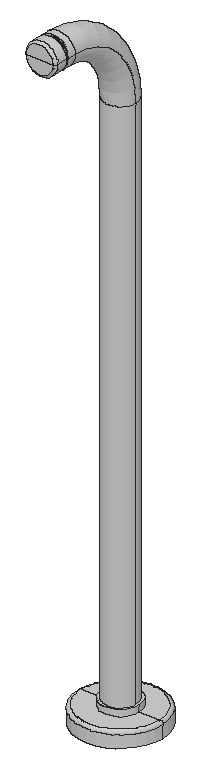
Revit family "Urbane II Right Angled Shower Arm - 400mm", category Specialty Equipment, host Face, Revit 2019
Family settings
  Host = Face
  Round Connector Dimension = Use Radius
  Part Type = Normal
  OmniClass Number = 23.45.05.14.17
  OmniClass Title = Showers
  Cut with Voids When Loaded = No
  Shared = No
  Room Calculation Point = No
Parameters (values of type "Urbane II Right Angled Shower Arm - 400mm - Chrome")
  URL = "https://www.caroma.com.au/"
  Model = "99641C"
  Material_Base = GWA_Metal-Chrome
  Manufacturer = "GWA Bathrooms & Kitchens"  # constant formula
  Description = "Urbane II Right Angled Shower Arm - 400mm - Chrome"
  Default Elevation = 1000 mm
  CreatedBy_ANZRS = "GWA Bathrooms & Kitchens"  # constant formula
  Assembly Code = "D2010710"
Types (6, lengths in mm): name | Model | Material_Base | Description
  (no name) | "99641C" | GWA_Metal-Chrome | "Urbane II Right Angled Shower Arm - 400mm - Chrome"
  Urbane II Right Angled Shower Arm - 400mm - Chrome | "99641C" | GWA_Metal-Chrome | "Urbane II Right Angled Shower Arm - 400mm - Chrome"
  Urbane II Right Angled Shower Arm - 400mm - Matte Black | "99641B" | GWA-Metal-Black | "Urbane II Right Angled Shower Arm - 400mm - Matte Black"
  Urbane II Right Angled Shower Arm - 400mm - Brushed Brass | "99641BB" | GWA_Metal-Brushed-Brass | "Urbane II Right Angled Shower Arm - 400mm - Brushed Brass"
  Urbane II Right Angled Shower Arm - 400mm - Gunmetal | "99641GM" | GWA-Metal-Gunmetal Grey | "Urbane II Right Angled Shower Arm - 400mm - Gunmetal"
  Urbane II Right Angled Shower Arm - 400mm - Brushed Nickel | "99641BN" | GWA_Metal-Brushed-Nickel | "Urbane II Right Angled Shower Arm - 400mm - Brushed Nickel"
Reference planes
  plane 1 "Center (Front/Back)": y = 0
  plane 2: z = 0
  plane 3 "Center (Left/Right)": x = 0
Forms (mm)
  Revolve 1, solid, material "GWA_Metal-Chrome" <- "Material_Base"
    sketch origin (0, 0, 0) x (1, 0, 0) y (0, 0, 1)
      loop
        line (0, 0) -> (27.5, 0) -> (27.5, 8)
        arc (27.5, 8) -> (26.914, 9.414) -> (25.5, 10) r 2
        line (25.5, 10) -> (0, 10) -> (0, 0)
      axis (0, 10) -> (0, 0)
    angle from 0 to 360
  Extrusion 2, solid, material "GWA_Metal-Chrome" <- "Material_Base"
    sketch origin (0, 0, 0) x (1, 0, 0) y (0, 1, 0)
      loop
        circle (0, 0) r 12.25
    from 10 to 14
  Revolve 3, solid, material "GWA_Metal-Chrome" <- "Material_Base"
    sketch origin (0, 29.315, 414) x (0, -1, 0) y (1, 0, 0)
      loop
        line (84.315, 0) -> (94.615, 0) -> (94.615, 8.8) -> (93.115, 10.3) -> (86.615, 10.3) -> (86.615, 9.2) -> (84.315, 9.2) -> (84.315, 0)
      axis (94.615, 0) -> (84.315, 0)
    angle from 0 to 360
  Sweep 4, solid, material "GWA_Metal-Chrome" <- "Material_Base"
    path origin (0, 0, 0) x (0, 1, 0) y (0, 0, 1)
      loop
        line (0, 14) -> (0, 364)
        arc (0, 364) -> (-14.645, 399.355) -> (-50, 414) r 50
        line (-50, 414) -> (-55, 414)
    profile origin (0, 0, 189) x (0, -1, 0) y (1, 0, 0)
      loop
        circle (0, 0) r 10.3
Lines and regions (mm)
  Masking region 1
    outline origin (0, 0, 0) x (1, 0, 0) y (0, 0, 1)
      loop
        line (-10.3, 14) -> (-12.25, 14) -> (-12.25, 10) -> (-25.5, 10)
        arc (-25.5, 10) -> (-26.914, 9.414) -> (-27.5, 8) r 2
        line (-27.5, 8) -> (-27.5, 0) -> (27.5, 0) -> (27.5, 8)
        arc (27.5, 8) -> (26.914, 9.414) -> (25.5, 10) r 2
        line (25.5, 10) -> (12.25, 10) -> (12.25, 14) -> (10.3, 14) -> (10.3, 414)
        arc (10.3, 414) -> (0, 424.3) -> (-10.3, 414) r 10.3
        line (-10.3, 414) -> (-10.3, 14)
  Masking region 2
    outline origin (0, 0, 0) x (0, 1, 0) y (0, 0, 1)
      loop
        line (27.5, 0) -> (27.5, 8)
        arc (27.5, 8) -> (26.914, 9.414) -> (25.5, 10) r 2
        line (25.5, 10) -> (12.25, 10) -> (12.25, 14) -> (10.3, 14) -> (10.3, 364)
        arc (10.3, 364) -> (-7.361, 406.639) -> (-50, 424.3) r 60.3
        line (-50, 424.3) -> (-55, 424.3) -> (-55, 423.2) -> (-57.3, 423.2) -> (-57.3, 424.3) -> (-63.8, 424.3) -> (-65.3, 422.8) -> (-65.3, 405.2) -> (-63.8, 403.7) -> (-57.3, 403.7) -> (-57.3, 404.8) -> (-55, 404.8) -> (-55, 403.7) -> (-50, 403.7)
        arc (-50, 403.7) -> (-21.928, 392.072) -> (-10.3, 364) r 39.7
        line (-10.3, 364) -> (-10.3, 14) -> (-12.25, 14) -> (-12.25, 10) -> (-25.5, 10)
        arc (-25.5, 10) -> (-26.914, 9.414) -> (-27.5, 8) r 2
        line (-27.5, 8) -> (-27.5, 0) -> (27.5, 0)
  Masking region 3
    outline origin (0, 0, 0) x (1, 0, 0) y (0, 1, 0)
      loop
        arc (10.3, -25.498) -> (0, 27.5) -> (-10.3, -25.498) r 27.5
        line (-10.3, -25.498) -> (-10.3, -55) -> (-9.2, -55) -> (-9.2, -57.3) -> (-10.3, -57.3) -> (-10.3, -63.8) -> (-8.8, -65.3) -> (8.8, -65.3) -> (10.3, -63.8) -> (10.3, -57.3) -> (9.2, -57.3) -> (9.2, -55) -> (10.3, -55) -> (10.3, -25.498)
  symbolic lines
    curve 1: line (27.5, 0, 0) -> (27.5, 0, 8)
    curve 2: line (25.5, 0, 10) -> (-25.5, 0, 10)
    curve 3: line (-27.5, 0, 8) -> (-27.5, 0, 0)
    curve 4: line (-27.5, 0, 0) -> (27.5, 0, 0)
    curve 5: arc (-27.5, 0, 8) -> (-26.914, 0, 9.414) -> (-25.5, 0, 10) r 2
    curve 6: arc (25.5, 0, 10) -> (26.914, 0, 9.414) -> (27.5, 0, 8) r 2
    curve 7: line (-12.25, 0, 10) -> (-12.25, 0, 14)
    curve 8: line (-12.25, 0, 14) -> (12.25, 0, 14)
    curve 9: line (12.25, 0, 14) -> (12.25, 0, 10)
    curve 10: line (-10.3, 0, 14) -> (-10.3, 0, 414)
    curve 11: line (10.3, 0, 414) -> (10.3, 0, 14)
    curve 12: arc (10.3, -6.631, 0) -> (0, 12.25, 0) -> (-10.3, -6.631, 0) r 12.25
    curve 13: arc (10.3, 0, 0) -> (0, 10.3, 0) -> (-10.3, 0, 0) r 10.3
    curve 14: line (0, -55, 424.3) -> (0, -55, 403.7)
    curve 15: line (0, -65.3, 405.2) -> (0, -65.3, 422.8)
    curve 16: line (0, -63.8, 424.3) -> (0, -57.3, 424.3)
    curve 17: line (0, -57.3, 424.3) -> (0, -57.3, 403.7)
    curve 18: line (0, -57.3, 423.2) -> (0, -55, 423.2)
    curve 19: line (0, -63.8, 424.3) -> (0, -63.8, 403.7)
    curve 20: line (0, -63.8, 403.7) -> (0, -57.3, 403.7)
    curve 21: line (0, -57.3, 404.8) -> (0, -55, 404.8)
    curve 22: line (0, -65.3, 422.8) -> (0, -63.8, 424.3)
    curve 23: line (0, -65.3, 405.2) -> (0, -63.8, 403.7)
    curve 30: line (0, -12.25, 10) -> (0, -12.25, 14)
    curve 31: line (0, -12.25, 14) -> (0, 12.25, 14)
    curve 32: line (0, 12.25, 14) -> (0, 12.25, 10)
    curve 33: line (0, 27.5, 0) -> (0, -27.5, 0)
    curve 34: line (0, -27.5, 0) -> (0, -27.5, 8)
    curve 35: line (0, -25.5, 10) -> (0, 25.5, 10)
    curve 36: line (0, 27.5, 8) -> (0, 27.5, 0)
    curve 37: arc (0, -27.5, 8) -> (0, -26.914, 9.414) -> (0, -25.5, 10) r 2
    curve 38: arc (0, 25.5, 10) -> (0, 26.914, 9.414) -> (0, 27.5, 8) r 2
    curve 39: arc (10.3, 0, 414) -> (0, 0, 424.3) -> (-10.3, 0, 414) r 10.3
    curve 40: arc (10.3, -25.498, 0) -> (0, 27.5, 0) -> (-10.3, -25.498, 0) r 27.5
    curve 41: line (-10.3, 0, 0) -> (-10.3, -55, 0)
    curve 42: line (10.3, 0, 0) -> (10.3, -55, 0)
    curve 43: line (-8.8, -65.3, 0) -> (8.8, -65.3, 0)
    curve 44: line (-10.3, -63.8, 0) -> (10.3, -63.8, 0)
    curve 45: line (9.2, -55, 0) -> (9.2, -57.3, 0)
    curve 46: line (-9.2, -55, 0) -> (-9.2, -57.3, 0)
    curve 47: line (-10.3, -57.3, 0) -> (10.3, -57.3, 0)
    curve 48: line (-10.3, -57.3, 0) -> (-10.3, -63.8, 0)
    curve 49: line (10.3, -57.3, 0) -> (10.3, -63.8, 0)
    curve 50: line (-10.3, -55, 0) -> (10.3, -55, 0)
    curve 51: line (-10.3, -63.8, 0) -> (-8.8, -65.3, 0)
    curve 52: line (8.8, -65.3, 0) -> (10.3, -63.8, 0)
  symbolic lines, style "SpecialityEquipment"
    curve 24: arc (0, -50, 403.7) -> (0, -21.928, 392.072) -> (0, -10.3, 364) r 39.7
    curve 25: arc (0, -50, 424.3) -> (0, -7.361, 406.639) -> (0, 10.3, 364) r 60.3
    curve 26: line (0, -50, 424.3) -> (0, -55, 424.3)
    curve 27: line (0, -50, 403.7) -> (0, -55, 403.7)
    curve 28: line (0, 10.3, 14) -> (0, 10.3, 364)
    curve 29: line (0, -10.3, 14) -> (0, -10.3, 364)
Dimensions and locks
  aligned and locked: plane 2 to host face
  aligned and locked: level to host face
